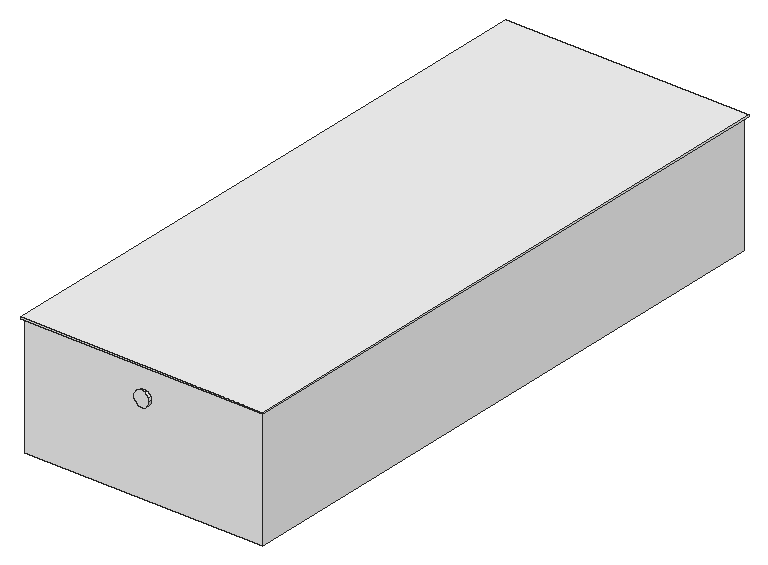
Revit family "Plumbing Fixture-Grease_Interseptor_Mifab_MI-HEL", category Plumbing Fixtures, host Face, Revit 2013
Parameters (values of type "MI-HEL-6")
  WFU = 0
  URL = "www.mifab.com"
  Standard Inlet And Outlet Radii = F / 2  # 3.000"
  Model = "MI-HEL-6"
  Manufacturer = "MIFAB"
  Interceptor Material = Acid Resistant Epoxy Coated Green
  Fuel Retention Capacity = "250 Gallons"
  F = 6.000"
  E = 48.000"
  Description = "Heliport Fual Spill Interceptors"
  Default Elevation = 0.000"
  D = 36.000"
  C = 12.000"
  B = 96.000"
  Assembly Code = "D2090300"
  A = 240.000"
Types (7): name | Model | Fuel Retention Capacity | B | A
  (no name) | "MI-HEL-6" | "250 Gallons" | 96.000" | 240.000"
  MI-HEL-1 | "MI-HEL-1" | "35 Gallons" | 36.000" | 90.000"
  MI-HEL-2 | "MI-HEL-2" | "65 Gallons" | 48.000" | 126.000"
  MI-HEL-3 | "MI-HEL-3" | "90 Gallons" | 63.000" | 132.000"
  MI-HEL-4 | "MI-HEL-4" | "195 Gallons" | 92.000" | 192.000"
  MI-HEL-5 | "MI-HEL-5" | "220 Gallons" | 96.000" | 213.000"
  MI-HEL-6 | "MI-HEL-6" | "250 Gallons" | 96.000" | 240.000"
Reference planes (in)
  plane 1 "Center (Front/Back)": y = 0
  plane 2: z = 0
  plane 3 "Center (Left/Right)": x = 0
  plane 4: x = -48
  plane 5: y = -120
  plane 6: y = 120
  plane 7: x = 48
  plane 8: z = -12
  plane 9: z = -48
  plane 10: z = -48
  plane 11: z = -0.1345
  plane 12: z = -47.8655
Forms (in)
  Extrusion 1, solid, material "Acid Resistant Epoxy Coated Green" <- "Interceptor Material"
    sketch origin (0, 0, 0) x (1, 0, 0) y (0, 1, 0)
      loop
        line (-48, 120) -> (-48, -120) -> (48, -120) -> (48, 120) -> (-48, 120)
    from 0 to -0.5
  Extrusion 2, solid, material "Acid Resistant Epoxy Coated Green" <- "Interceptor Material"
    sketch origin (0, 0, 0) x (1, 0, 0) y (0, 1, 0)
      loop
        line (-47, 119) -> (-47, -119) -> (47, -119) -> (47, 119) -> (-47, 119)
    from 0 to -48
  Extrusion 3, solid, material "Acid Resistant Epoxy Coated Green" <- "Interceptor Material"
    sketch origin (0, 0, 0) x (1, 0, 0) y (0, 0, 1)
      loop
        circle (0, -12) r 3
    from -120 to 120
Cuts and joins
  joined: Extrusion 1, Extrusion 2, Extrusion 3
Lines and regions (in)
  symbolic lines
    curve 1: line (-48, 120, 0) -> (48, 120, 0)
    curve 2: line (-48, -120, 0) -> (-48, 120, 0)
    curve 3: line (48, -120, 0) -> (-48, -120, 0)
    curve 4: line (48, 120, 0) -> (48, -120, 0)
Dimensions and locks (in)
  equal spacing: plane 4, plane 3 "Center (Left/Right)", plane 7
  equal spacing: plane 6, plane 1 "Center (Front/Back)", plane 5
  "B": plane 4 to plane 7
  "A": plane 6 to plane 5
  "C": host face to plane 8
  "D": plane 8 to plane 9
  "E": host face to plane 10
  equal spacing: Extrusion 2 sketch curve, plane 3 "Center (Left/Right)", Extrusion 2 sketch curve
  equal spacing: Extrusion 2 sketch curve, plane 1 "Center (Front/Back)", Extrusion 2 sketch curve
  Extrusion 2 sketch curve to plane 6 = 1.000"
  plane 4 to Extrusion 2 sketch curve = 1.000"
  locked: plane 12 to plane 10 at 0.1345
  locked: host face to plane 11 at 0.1345
  "F": diameter of Extrusion 3 sketch curve
  aligned and locked: host face to plane 2
  aligned and locked: host face to level
  aligned and locked: Extrusion 1 sketch curve to plane 6
  aligned and locked: Extrusion 1 sketch curve to plane 4
  aligned and locked: Extrusion 1 sketch curve to plane 5
  aligned and locked: Extrusion 1 sketch curve to plane 7
  aligned and locked: Extrusion 2 to plane 9
  aligned and locked: Extrusion 3 to plane 5
  aligned and locked: plane 6 to Extrusion 3
  aligned and locked: Extrusion 3 to cut or joined group of Extrusion 1, Extrusion 2, Extrusion 3
  aligned and locked: curve 1 to plane 6
  aligned and locked: curve 2 to plane 4
  aligned and locked: curve 3 to plane 5
  aligned and locked: curve 4 to plane 7
Automatic sketch dimensions
  host sketch curve to host sketch curve = 240.39566"
  host sketch curve to host sketch curve = 327.93007"
  Extrusion 3 sketch curve to plane 3 "Center (Left/Right)" = 0.000"
  Extrusion 3 sketch curve to plane 8 = 0.000"
Connectors (in)
  piping at (0, 120, -12), driven by "Standard Inlet And Outlet Radii"
    settings: on cut or joined group of Extrusion 1, Extrusion 2, Extrusion 3, index 1, connector radius 3", flow factor 0, pipe flow 0 GPM, pressure drop 0.00 psi, fitting loss kfactor 0, connector angle 0.00°, fixture units 0, engagement length 0.000", flow configuration 0, flow direction 1, fitting loss method 0, system type 16, joint type 0, gender type 0, connector reference index -1, connector utility 0, adjustable connector no, is connector primary yes, fitting loss table "", connector description "In"
  piping at (0, -120, -12), driven by "Standard Inlet And Outlet Radii"
    settings: on cut or joined group of Extrusion 1, Extrusion 2, Extrusion 3, index 2, connector radius 3", flow factor 0, pipe flow 0 GPM, pressure drop 0.00 psi, fitting loss kfactor 0, connector angle 0.00°, fixture units 0, engagement length 0.000", flow configuration 0, flow direction 2, fitting loss method 0, system type 16, joint type 0, gender type 0, connector reference index -1, connector utility 0, adjustable connector no, is connector primary no, fitting loss table "", connector description "Out"
